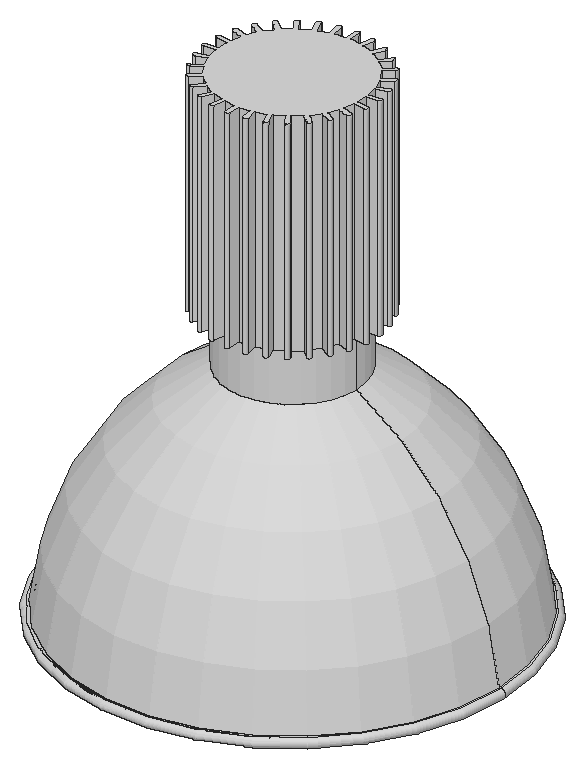
Revit family "TR.D", category Lighting Fixtures, Revit 2024
Family settings
  Round Connector Dimension = Use Diameter
  Part Type = Normal
  OmniClass Number = 23.80.70.00
  OmniClass Title = Lighting
  Work Plane-Based = No
  Always vertical = Yes
  Cut with Voids When Loaded = No
  Light Source = No
  Maintain Annotation Orientation = No
  Shared = No
  Room Calculation Point = No
Parameters
  Default Elevation = 0' - 0"
Reference planes (in)
  plane 1 "Light Source Axis (F/B)": y = 0
  plane 2: z = 0
  plane 3 "Light Source Axis (L/R)": x = 0
  plane 4 "Light Source Elevation": z = 54
Forms (in)
  Sweep 1, solid, material "GLASS SHADE", not visible
    path origin (75.968, 0, 0.00093) x (1, 0, 0) y (0, 0, 1)
      loop
        arc (-4.5864, 68.3252) -> (-8.91952, 61.72019) -> (-10.59309, 54) r 21.63816
    profile origin (67.04848, 0, 61.72112) x (0.922209, 0, -0.386691) y (0, -1, 0)
      loop
        circle (0, 0) r 0.03125
  Extrusion 2, solid, material "61", not visible
    sketch origin (21.22004, 0.07031, 3.70715) x (1, 0, 0) y (0, 1, 0)
      loop
        arc (0.70087, 4.42509) -> (0.0002, 4.48026) -> (-0.70003, 4.41981) r 4.27232
        line (-0.70003, 4.41981) -> (-0.65367, 4.12712)
        arc (-0.65367, 4.12712) -> (0, 4.17857) -> (0.65367, 4.12712) r 4.17857
        line (0.65367, 4.12712) -> (0.70087, 4.42509)
    from 66 to 73.80732
  Revolve 3, solid, material "48"
    sketch origin (0, 0, 0) x (1, 0, 0) y (0, 0, 1)
      loop
        line (1.8125, 60.38465) -> (1.8125, 61.82965) -> (1.71875, 61.82965) -> (1.71875, 60.32807)
        arc (1.71875, 60.32807) -> (4.5077, 57.80506) -> (5.71483, 54.24322) r 7.47388
        line (5.71483, 54.24322) -> (5.76925, 54.05835)
        arc (5.76925, 54.05835) -> (5.98445, 54.06461) -> (5.875, 54.25) r 0.125
        line (5.875, 54.25) -> (5.80834, 54.25)
        arc (5.80834, 54.25) -> (4.60165, 57.8327) -> (1.8125, 60.38465) r 7.56763
      axis (0, 61.82965) -> (0, 54.05835)
    angle from 0 to 360
  Extrusion 4, solid, material "48"
    sketch origin (-34.99223, -16.30645, 61.82965) x (1, 0, 0) y (0, 1, 0)
      loop
        arc (34.92973, 18.27443) -> (34.78642, 18.26463) -> (34.6442, 18.24441) r 1.96897
        line (34.6442, 18.24441) -> (34.57902, 18.55106)
        arc (34.57902, 18.55106) -> (34.50489, 18.5992) -> (34.45675, 18.52507) r 0.0625
        line (34.45675, 18.52507) -> (34.52193, 18.21843)
        arc (34.52193, 18.21843) -> (34.38378, 18.17905) -> (34.24888, 18.12971) r 1.96897
        line (34.24888, 18.12971) -> (34.12137, 18.4161)
        arc (34.12137, 18.4161) -> (34.03885, 18.44777) -> (34.00718, 18.36525) r 0.0625
        line (34.00718, 18.36525) -> (34.13468, 18.07886)
        arc (34.13468, 18.07886) -> (34.00775, 18.01163) -> (33.88605, 17.93531) r 1.96897
        line (33.88605, 17.93531) -> (33.70178, 18.18893)
        arc (33.70178, 18.18893) -> (33.61448, 18.20276) -> (33.60065, 18.11546) r 0.0625
        line (33.60065, 18.11546) -> (33.78492, 17.86184)
        arc (33.78492, 17.86184) -> (33.67473, 17.76968) -> (33.57156, 17.66973) r 1.96897
        line (33.57156, 17.66973) -> (33.33859, 17.8795)
        arc (33.33859, 17.8795) -> (33.25032, 17.87487) -> (33.25495, 17.7866) r 0.0625
        line (33.25495, 17.7866) -> (33.48792, 17.57684)
        arc (33.48792, 17.57684) -> (33.3993, 17.46378) -> (33.31916, 17.34457) r 1.96897
        line (33.31916, 17.34457) -> (33.04767, 17.50131)
        arc (33.04767, 17.50131) -> (32.96229, 17.47843) -> (32.98517, 17.39306) r 0.0625
        line (32.98517, 17.39306) -> (33.25666, 17.23631)
        arc (33.25666, 17.23631) -> (33.19349, 17.1073) -> (33.13989, 16.97403) r 1.96897
        line (33.13989, 16.97403) -> (32.84174, 17.0709)
        arc (32.84174, 17.0709) -> (32.76298, 17.03078) -> (32.80311, 16.95202) r 0.0625
        line (32.80311, 16.95202) -> (33.10126, 16.85515)
        arc (33.10126, 16.85515) -> (33.06629, 16.71582) -> (33.04157, 16.57432) r 1.96897
        line (33.04157, 16.57432) -> (32.72979, 16.60709)
        arc (32.72979, 16.60709) -> (32.6611, 16.55146) -> (32.71673, 16.48277) r 0.0625
        line (32.71673, 16.48277) -> (33.0285, 16.45)
        arc (33.0285, 16.45) -> (33.02326, 16.30645) -> (33.0285, 16.1629) r 1.96897
        line (33.0285, 16.1629) -> (32.71673, 16.13013)
        arc (32.71673, 16.13013) -> (32.6611, 16.06144) -> (32.72979, 16.00582) r 0.0625
        line (32.72979, 16.00582) -> (33.04157, 16.03859)
        arc (33.04157, 16.03859) -> (33.06629, 15.89708) -> (33.10126, 15.75776) r 1.96897
        line (33.10126, 15.75776) -> (32.80311, 15.66088)
        arc (32.80311, 15.66088) -> (32.76298, 15.58213) -> (32.84174, 15.542) r 0.0625
        line (32.84174, 15.542) -> (33.13989, 15.63887)
        arc (33.13989, 15.63887) -> (33.19349, 15.5056) -> (33.25666, 15.37659) r 1.96897
        line (33.25666, 15.37659) -> (32.98517, 15.21985)
        arc (32.98517, 15.21985) -> (32.96229, 15.13447) -> (33.04767, 15.11159) r 0.0625
        line (33.04767, 15.11159) -> (33.31916, 15.26834)
        arc (33.31916, 15.26834) -> (33.3993, 15.14912) -> (33.48792, 15.03607) r 1.96897
        line (33.48792, 15.03607) -> (33.25495, 14.8263)
        arc (33.25495, 14.8263) -> (33.25032, 14.73803) -> (33.33859, 14.73341) r 0.0625
        line (33.33859, 14.73341) -> (33.57156, 14.94317)
        arc (33.57156, 14.94317) -> (33.67473, 14.84323) -> (33.78492, 14.75106) r 1.96897
        line (33.78492, 14.75106) -> (33.60065, 14.49744)
        arc (33.60065, 14.49744) -> (33.61448, 14.41014) -> (33.70178, 14.42397) r 0.0625
        line (33.70178, 14.42397) -> (33.88605, 14.67759)
        arc (33.88605, 14.67759) -> (34.00775, 14.60128) -> (34.13468, 14.53404) r 1.96897
        line (34.13468, 14.53404) -> (34.00718, 14.24765)
        arc (34.00718, 14.24765) -> (34.03885, 14.16513) -> (34.12137, 14.19681) r 0.0625
        line (34.12137, 14.19681) -> (34.24888, 14.4832)
        arc (34.24888, 14.4832) -> (34.38378, 14.43385) -> (34.52193, 14.39448) r 1.96897
        line (34.52193, 14.39448) -> (34.45675, 14.08784)
        arc (34.45675, 14.08784) -> (34.50489, 14.01371) -> (34.57902, 14.06185) r 0.0625
        line (34.57902, 14.06185) -> (34.6442, 14.36849)
        arc (34.6442, 14.36849) -> (34.78642, 14.34827) -> (34.92973, 14.33848) r 1.96897
        line (34.92973, 14.33848) -> (34.92973, 14.02499)
        arc (34.92973, 14.02499) -> (34.99223, 13.96249) -> (35.05473, 14.02499) r 0.0625
        line (35.05473, 14.02499) -> (35.05473, 14.33848)
        arc (35.05473, 14.33848) -> (35.19804, 14.34827) -> (35.34026, 14.36849) r 1.96897
        line (35.34026, 14.36849) -> (35.40544, 14.06185)
        arc (35.40544, 14.06185) -> (35.47957, 14.01371) -> (35.52771, 14.08784) r 0.0625
        line (35.52771, 14.08784) -> (35.46253, 14.39448)
        arc (35.46253, 14.39448) -> (35.60067, 14.43385) -> (35.73558, 14.4832) r 1.96897
        line (35.73558, 14.4832) -> (35.86309, 14.19681)
        arc (35.86309, 14.19681) -> (35.9456, 14.16513) -> (35.97728, 14.24765) r 0.0625
        line (35.97728, 14.24765) -> (35.84977, 14.53404)
        arc (35.84977, 14.53404) -> (35.97671, 14.60128) -> (36.09841, 14.67759) r 1.96897
        line (36.09841, 14.67759) -> (36.28268, 14.42397)
        arc (36.28268, 14.42397) -> (36.36998, 14.41014) -> (36.3838, 14.49744) r 0.0625
        line (36.3838, 14.49744) -> (36.19954, 14.75106)
        arc (36.19954, 14.75106) -> (36.30972, 14.84323) -> (36.4129, 14.94317) r 1.96897
        line (36.4129, 14.94317) -> (36.64587, 14.73341)
        arc (36.64587, 14.73341) -> (36.73413, 14.73803) -> (36.72951, 14.8263) r 0.0625
        line (36.72951, 14.8263) -> (36.49654, 15.03607)
        arc (36.49654, 15.03607) -> (36.58515, 15.14912) -> (36.66529, 15.26834) r 1.96897
        line (36.66529, 15.26834) -> (36.93678, 15.11159)
        arc (36.93678, 15.11159) -> (37.02216, 15.13447) -> (36.99928, 15.21985) r 0.0625
        line (36.99928, 15.21985) -> (36.72779, 15.37659)
        arc (36.72779, 15.37659) -> (36.79097, 15.5056) -> (36.84457, 15.63887) r 1.96897
        line (36.84457, 15.63887) -> (37.14272, 15.542)
        arc (37.14272, 15.542) -> (37.22147, 15.58213) -> (37.18134, 15.66088) r 0.0625
        line (37.18134, 15.66088) -> (36.8832, 15.75776)
        arc (36.8832, 15.75776) -> (36.91817, 15.89708) -> (36.94289, 16.03859) r 1.96897
        line (36.94289, 16.03859) -> (37.25466, 16.00582)
        arc (37.25466, 16.00582) -> (37.32335, 16.06144) -> (37.26773, 16.13013) r 0.0625
        line (37.26773, 16.13013) -> (36.95595, 16.1629)
        arc (36.95595, 16.1629) -> (36.96119, 16.30645) -> (36.95595, 16.45) r 1.96897
        line (36.95595, 16.45) -> (37.26773, 16.48277)
        arc (37.26773, 16.48277) -> (37.32335, 16.55146) -> (37.25466, 16.60709) r 0.0625
        line (37.25466, 16.60709) -> (36.94289, 16.57432)
        arc (36.94289, 16.57432) -> (36.91817, 16.71582) -> (36.8832, 16.85515) r 1.96897
        line (36.8832, 16.85515) -> (37.18134, 16.95202)
        arc (37.18134, 16.95202) -> (37.22147, 17.03078) -> (37.14272, 17.0709) r 0.0625
        line (37.14272, 17.0709) -> (36.84457, 16.97403)
        arc (36.84457, 16.97403) -> (36.79097, 17.1073) -> (36.72779, 17.23631) r 1.96897
        line (36.72779, 17.23631) -> (36.99928, 17.39306)
        arc (36.99928, 17.39306) -> (37.02216, 17.47843) -> (36.93678, 17.50131) r 0.0625
        line (36.93678, 17.50131) -> (36.66529, 17.34457)
        arc (36.66529, 17.34457) -> (36.58515, 17.46378) -> (36.49654, 17.57684) r 1.96897
        line (36.49654, 17.57684) -> (36.72951, 17.7866)
        arc (36.72951, 17.7866) -> (36.73413, 17.87487) -> (36.64587, 17.8795) r 0.0625
        line (36.64587, 17.8795) -> (36.4129, 17.66973)
        arc (36.4129, 17.66973) -> (36.30972, 17.76968) -> (36.19954, 17.86184) r 1.96897
        line (36.19954, 17.86184) -> (36.3838, 18.11546)
        arc (36.3838, 18.11546) -> (36.36998, 18.20276) -> (36.28268, 18.18893) r 0.0625
        line (36.28268, 18.18893) -> (36.09841, 17.93531)
        arc (36.09841, 17.93531) -> (35.97671, 18.01163) -> (35.84977, 18.07886) r 1.96897
        line (35.84977, 18.07886) -> (35.97728, 18.36525)
        arc (35.97728, 18.36525) -> (35.9456, 18.44777) -> (35.86309, 18.4161) r 0.0625
        line (35.86309, 18.4161) -> (35.73558, 18.12971)
        arc (35.73558, 18.12971) -> (35.60067, 18.17905) -> (35.46253, 18.21843) r 1.96897
        line (35.46253, 18.21843) -> (35.52771, 18.52507)
        arc (35.52771, 18.52507) -> (35.47957, 18.5992) -> (35.40544, 18.55106) r 0.0625
        line (35.40544, 18.55106) -> (35.34026, 18.24441)
        arc (35.34026, 18.24441) -> (35.19804, 18.26463) -> (35.05473, 18.27443) r 1.96897
        line (35.05473, 18.27443) -> (35.05473, 18.58792)
        arc (35.05473, 18.58792) -> (34.99223, 18.65042) -> (34.92973, 18.58792) r 0.0625
        line (34.92973, 18.58792) -> (34.92973, 18.27443)
    from 0 to 5.92035
Dimensions and locks (in)
  aligned and locked: level to plane 2
